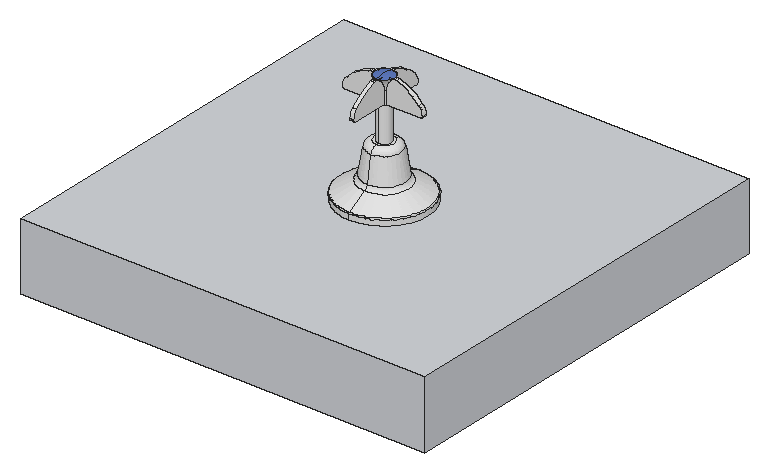
Revit family
Parameters (values of type "49813 (Cold Water, Ceramic Disc)")
  Hot&ColdMaterial = Plastic_Taps_Blue_10800
  URL = "www.galvinengineering.com.au"
  Type Comments = "Vendal Resistant"
  StyleOrType_ANZRS = "Plumbing Fixture"
  Seating = "1/2 Turn Ceramic Disc"
  PlumbingMaterial_ANZRS = Metal_Taps_DR-Brass-with-Chrome-Finish_10800
  Outlet = ""
  ModifiedIssue_ANZRS = 20120629.01  # constant formula
  Model = "49813"
  Manufacturer = "Galvin Engineering"
  Keynote = "15400"
  Instructions = "http://www.galvinengineering.com.au/Installation_Guides_1.aspx"
  Inlet = "15mm BSP"
  FilterObject_ANZRS = "Vendal Resistant"
  DimTop = 60 mm  # constant formula
  DimDepth = 83 mm  # constant formula
  Description = "Vandal Resistant Wall Top Assembly - Cold Water"
  Default Elevation = 900 mm
  CreatedBy_ANZRS = "Galvin Engineering"  # constant formula
  CreatedByURL_ANZRS = "www.galvinengineering.com.au"
  CreatedByPhoneNo_ANZRS = "61-8-92495900"  # constant formula
  Assembly Code = "D2010"
Types (5, lengths in mm): name | Hot&ColdMaterial | Seating | Model | Description
  (no name) | Plastic_Taps_Blue_10800 | "1/2 Turn Ceramic Disc" | "49813" | "Vandal Resistant Wall Top Assembly - Cold Water"
  49913 (Cold Water, Jumper Valve) | Plastic_Taps_Blue_10800 | "Jumper Valve" | "49913" | "Vandal Resistant Wall Top Assembly - Cold Water"
  49916 (Hot Water, Jumper Valve) | Plastic_Taps_Red_10800 | "Jumper Valve" | "49916" | "Vandal Resistant Wall Top Assembly - Hot Water"
  49813 (Cold Water, Ceramic Disc) | Plastic_Taps_Blue_10800 | "1/2 Turn Ceramic Disc" | "49813" | "Vandal Resistant Wall Top Assembly - Cold Water"
  49817 (Hot Water, Ceramic Disc) | Plastic_Taps_Red_10800 | "1/2 Turn Ceramic Disc" | "49817" | "Vandal Resistant Wall Top Assembly - Hot Water"
Reference planes
  plane 1 "Center (Front/Back)": y = 0
  plane 2 "Face": z = 0
  plane 3 "Center (Left/Right)": x = 0
  plane 4 "Depth": z = 83
Forms (mm)
  Extrusion 1, solid
    sketch origin (0, -719.2, 0) x (1, 0, 0) y (0, 1, 0)
      loop
        line (-150, 869.2) -> (-150, 569.2) -> (150, 569.2) -> (150, 869.2) -> (-150, 869.2)
    from 0 to -50
  Revolve 2, solid, material "Metal_Taps_DR-Brass-with-Chrome-Finish_10800" <- "PlumbingMaterial_ANZRS"
    sketch origin (0, 28.582, -7.663) x (0, 0.569708, 0.821847) y (0, -0.821847, 0.569708)
      loop
        line (57.866, 74.89) -> (53.646, 80.978)
        arc (53.646, 80.978) -> (52.529, 76.044) -> (49.203, 72.232) r 10.333
        line (49.203, 72.232) -> (41.177, 66.668) -> (39.994, 68.375) -> (19.316, 54.042) -> (17.891, 56.098)
        arc (17.891, 56.098) -> (15.088, 58.076) -> (11.67, 57.782) r 5
        line (11.67, 57.782) -> (-5.389, 49.832)
        arc (-5.389, 49.832) -> (-7.541, 49.365) -> (-9.686, 49.867) r 5
        line (-9.686, 49.867) -> (-24.207, 56.922)
        arc (-24.207, 56.922) -> (-24.721, 57.02) -> (-25.213, 56.844) r 1
        line (-25.213, 56.844) -> (-28.501, 54.566) -> (-9.985, 27.856) -> (57.866, 74.89)
      axis (-9.985, 27.856) -> (57.866, 74.89)
    angle from 0 to 360
  Extrusion 3, solid, material "Metal_Taps_DR-Brass-with-Chrome-Finish_10800" <- "PlumbingMaterial_ANZRS"
    sketch origin (0, 28.582, -9.867) x (0, 0.569708, 0.821847) y (0, -0.821847, 0.569708)
      loop
        arc (62.506, 42.549) -> (65.052, 45.091) -> (66.399, 48.427) r 9
        arc (66.399, 48.427) -> (66.984, 58.203) -> (65.175, 67.829) r 40
        arc (65.175, 67.829) -> (64.898, 68.518) -> (64.521, 69.159) r 5
        line (64.521, 69.159) -> (54.598, 83.473)
        arc (54.598, 83.473) -> (54.129, 84.052) -> (53.58, 84.555) r 5
        arc (53.58, 84.555) -> (45.078, 89.673) -> (35.578, 92.542) r 40
        arc (35.578, 92.542) -> (32.066, 92.445) -> (28.858, 91.01) r 9
        arc (28.858, 91.01) -> (28.208, 90.042) -> (28.447, 88.901) r 1.5
        line (28.447, 88.901) -> (60.351, 42.877)
        arc (60.351, 42.877) -> (61.357, 42.249) -> (62.506, 42.549) r 1.5
    from -1.5 to 1.5
  Revolve 4, solid, material "Plastic_Taps_Blue_10800" <- "Hot&ColdMaterial"
    sketch origin (0, 28.582, -39.018) x (0, 0.569708, 0.821847) y (0, -0.821847, 0.569708)
      loop
        line (83.634, 92.753) -> (84.298, 93.214)
        arc (84.298, 93.214) -> (82.152, 95.976) -> (79.683, 98.453) r 28.391
        line (79.683, 98.453) -> (83.634, 92.753)
      axis (83.634, 92.753) -> (84.456, 93.323)
    angle from 0 to 360
  Extrusion 5, solid, material "Metal_Taps_DR-Brass-with-Chrome-Finish_10800" <- "PlumbingMaterial_ANZRS"
    sketch origin (0, 0, 0) x (1, 0, 0) y (0, 0, 1)
      loop
        arc (-29.499, 65.743) -> (-29.091, 64.629) -> (-28.001, 64.159) r 1.5
        line (-28.001, 64.159) -> (27.999, 64.159)
        arc (27.999, 64.159) -> (29.074, 64.613) -> (29.499, 65.699) r 1.5
        arc (29.499, 65.699) -> (28.85, 69.153) -> (26.929, 72.094) r 9
        arc (26.929, 72.094) -> (19.159, 78.268) -> (10.109, 82.338) r 40
        arc (10.109, 82.338) -> (9.383, 82.504) -> (8.64, 82.559) r 5
        line (8.64, 82.559) -> (-8.777, 82.559)
        arc (-8.777, 82.559) -> (-9.518, 82.504) -> (-10.243, 82.339) r 5
        arc (-10.243, 82.339) -> (-19.184, 78.342) -> (-26.885, 72.292) r 40
        arc (-26.885, 72.292) -> (-28.86, 69.284) -> (-29.499, 65.743) r 9
    from -1.5 to 1.5
Dimensions and locks
  "DimDepth": plane 4 "Depth" to plane 2 "Face"
  aligned and locked: plane 2 "Face" to Extrusion 1
  aligned and locked: level to Extrusion 1
Automatic sketch dimensions
  Extrusion 1 sketch curve to Extrusion 1 sketch curve = 300 mm  (x2)
  Revolve 2 sketch curve to level = 0 mm  (x2)
  Revolve 2 sketch curve to plane 1 "Center (Front/Back)" = 0 mm  (x3)
  Revolve 2 sketch curve to Revolve 2 sketch curve = 14.221 mm
  Revolve 2 sketch curve to Revolve 2 sketch curve = 0.437 mm
  Revolve 2 sketch curve to Revolve 2 sketch curve = 0.57 mm
  Revolve 2 sketch curve to Revolve 2 sketch curve = 3.287 mm
  Revolve 2 sketch curve to Revolve 2 sketch curve = 14.521 mm
  Revolve 2 sketch curve to Revolve 2 sketch curve = 2.185 mm
  Revolve 2 sketch curve to Revolve 2 sketch curve = 4.297 mm
  Revolve 2 sketch curve to Revolve 2 sketch curve = 17.059 mm
  Revolve 2 sketch curve to Revolve 2 sketch curve = 2.112 mm
  Revolve 2 sketch curve to Revolve 2 sketch curve = 4.109 mm
  Revolve 2 sketch curve to Revolve 2 sketch curve = 1.426 mm
  Revolve 2 sketch curve to Revolve 2 sketch curve = 15.227 mm
  Revolve 2 sketch curve to Revolve 2 sketch curve = 5.45 mm
  Revolve 2 sketch curve to Revolve 2 sketch curve = 1.183 mm
  Revolve 2 sketch curve to Revolve 2 sketch curve = 3.323 mm
  Revolve 2 sketch curve to Revolve 2 sketch curve = 8.026 mm
  Revolve 2 sketch curve to Revolve 2 sketch curve = 4.443 mm
  Revolve 2 sketch curve to Revolve 2 sketch curve = 4.22 mm
  Revolve 2 sketch curve to Revolve 2 sketch curve = 32.476 mm
  Revolve 2 sketch curve to Revolve 2 sketch curve = 7.012 mm
  Revolve 2 sketch curve to Revolve 2 sketch curve = 0.035 mm
  Revolve 2 sketch curve to Revolve 2 sketch curve = 3.417 mm
  Revolve 2 sketch curve to Revolve 2 sketch curve = 0.792 mm
  Revolve 2 sketch curve to Revolve 2 sketch curve = 0.822 mm
  Revolve 2 sketch curve to Revolve 2 sketch curve = 2.057 mm
  plane 1 "Center (Front/Back)" to Extrusion 3 sketch curve = 1.765 mm
  Extrusion 3 sketch curve to plane 4 "Depth" = 38.901 mm
  Extrusion 3 sketch curve to Extrusion 3 sketch curve = 1.384 mm
  Extrusion 3 sketch curve to Extrusion 3 sketch curve = 1.793 mm
  Extrusion 3 sketch curve to Extrusion 3 sketch curve = 0.411 mm
  Extrusion 3 sketch curve to Extrusion 3 sketch curve = 1.233 mm  (x2)
  Extrusion 3 sketch curve to Extrusion 3 sketch curve = 4.386 mm
  Extrusion 3 sketch curve to Extrusion 3 sketch curve = 5.899 mm
  Extrusion 3 sketch curve to Extrusion 3 sketch curve = 0 mm  (x4)
  Extrusion 3 sketch curve to Extrusion 3 sketch curve = 16.423 mm
  Extrusion 3 sketch curve to Extrusion 3 sketch curve = 3.09 mm
  Extrusion 3 sketch curve to Extrusion 3 sketch curve = 1.019 mm
  Extrusion 3 sketch curve to Extrusion 3 sketch curve = 28.693 mm
  Extrusion 3 sketch curve to Extrusion 3 sketch curve = 2.802 mm
  Extrusion 3 sketch curve to Extrusion 3 sketch curve = 2.863 mm
  Extrusion 3 sketch curve to Extrusion 3 sketch curve = 0.922 mm
  Extrusion 3 sketch curve to Extrusion 3 sketch curve = 4.109 mm
  Extrusion 3 sketch curve to Extrusion 3 sketch curve = 0.655 mm
  Extrusion 3 sketch curve to Extrusion 3 sketch curve = 4.815 mm
  Extrusion 3 sketch curve to Extrusion 3 sketch curve = 2.575 mm
  Extrusion 3 sketch curve to Extrusion 3 sketch curve = 3.05 mm
  Extrusion 3 sketch curve to Extrusion 3 sketch curve = 1.183 mm
  Extrusion 3 sketch curve to Extrusion 3 sketch curve = 14.314 mm
  Extrusion 3 sketch curve to Extrusion 3 sketch curve = 2.11 mm
  Revolve 4 sketch curve to plane 1 "Center (Front/Back)" = 0 mm  (x4)
  plane 1 "Center (Front/Back)" to Revolve 4 sketch curve = 0.207 mm
  Revolve 4 sketch curve to plane 4 "Depth" = 28.023 mm
  Revolve 4 sketch curve to Revolve 4 sketch curve = 17.945 mm
  Revolve 4 sketch curve to Revolve 4 sketch curve = 0.889 mm
  Revolve 4 sketch curve to Revolve 4 sketch curve = 4.841 mm
  Revolve 4 sketch curve to Revolve 4 sketch curve = 5.757 mm
  Extrusion 5 sketch curve to plane 3 "Center (Left/Right)" = 29.499 mm
  Extrusion 5 sketch curve to Extrusion 5 sketch curve = 1.498 mm
  Extrusion 5 sketch curve to Extrusion 5 sketch curve = 1.116 mm
  Extrusion 5 sketch curve to Extrusion 5 sketch curve = 0 mm  (x4)
  Extrusion 5 sketch curve to Extrusion 5 sketch curve = 7.5 mm
  Extrusion 5 sketch curve to plane 4 "Depth" = 0.661 mm
  Extrusion 5 sketch curve to plane 3 "Center (Left/Right)" = 10.243 mm
  Extrusion 5 sketch curve to plane 4 "Depth" = 0.441 mm
  Extrusion 5 sketch curve to Extrusion 5 sketch curve = 1.467 mm
  Extrusion 5 sketch curve to plane 3 "Center (Left/Right)" = 1.647 mm
  Extrusion 5 sketch curve to Extrusion 5 sketch curve = 3.137 mm
  plane 3 "Center (Left/Right)" to Extrusion 5 sketch curve = 8.64 mm
  Extrusion 5 sketch curve to plane 4 "Depth" = 0.662 mm
  Extrusion 5 sketch curve to Extrusion 5 sketch curve = 1.47 mm
  Extrusion 5 sketch curve to Extrusion 5 sketch curve = 11.859 mm
  Extrusion 5 sketch curve to Extrusion 5 sketch curve = 6.43 mm
  Extrusion 5 sketch curve to Extrusion 5 sketch curve = 1.07 mm
  Extrusion 5 sketch curve to Extrusion 5 sketch curve = 1.499 mm
  Extrusion 5 sketch curve to Extrusion 5 sketch curve = 1.584 mm
